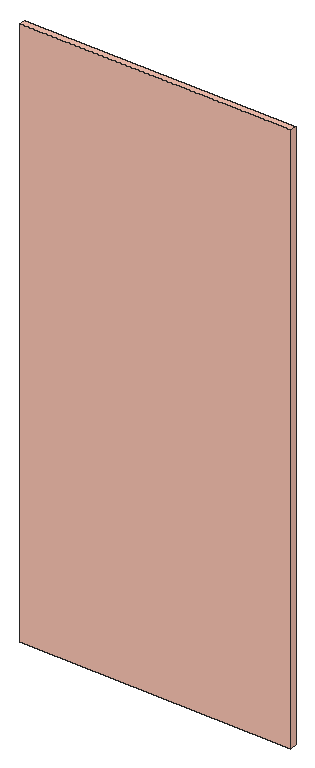
Revit family "EXP_WT-1B_CPan-001", category Curtain Panels, Revit 2021
Family settings
  OmniClass Number = 23.25.20.14.11.11.17
  OmniClass Title = Infill Panels
  Always vertical = Yes
  Cut with Voids When Loaded = No
  Shared = No
Parameters
  UI-UnitNumber [instance] = "001"
  UI-Quadrant [instance] = "SE"
  UI-ProjectAbbreviation = "NEU"
  UI-ItemCategory = "PID"
  UI-FloorNumber [instance] = "03"
  PNT-WallType = "WT1B"
  PNT-ProjectAbbreviation = "NEU"
  PNT-PanelType [instance] = "01"
  PNT-ItemCategory = "PNL"
  GlassSPH [instance] = 0' - 2 3/16"
  GlassH1 [instance] = IG-2F(Glass)
  Define Thermal Properties by = Schematic Type
  CellSp = 0' - 10 3/16"
  CellL [instance] = 7' - 10"
  CellH1 [instance] = CellH  # 15' - 11 1/2"
  CellH [instance] = 15' - 11 1/2"
  Analytic Construction = "<None>"
Reference planes (in)
  plane 1 "Center (Front/Back)": y = 0
  plane 2: z = 0
  plane 3 "Center (Left/Right)": x = 0
  plane 4 "Left": x = -47
  plane 5 "Right": x = 47
  plane 6 "Top": z = 191.5
  plane 7: y = -10.1875
Forms (in)
  Extrusion 1, solid, material "IG-2F(Glass)" <- "GlassH1", detail levels coarse+medium
    sketch origin (0, 0, 0) x (0, 1, 0) y (0, 0, 1)
      loop
        line (0, 191.5) -> (-10.1875, 191.5) -> (-10.1875, 0) -> (0, 0) -> (0, 191.5)
    from -47 to 47
Text (in)
  text "Exterior" at (-92.59733, 55.75508, 0), in view "Ref. Level"
  text "Exterior" at (0, 90.18664, 173.49264), in view "Left"
  text "Exterior" at (0, 52.29083, 162.21847), in view "Right"
Dimensions and locks (in)
  "CellL": plane 4 "Left" to plane 5 "Right"
  equal spacing: plane 4 "Left", plane 3 "Center (Left/Right)", plane 5 "Right"
  "CellH": plane 2 to plane 6 "Top"
  "CellSp": plane 7 to plane 1 "Center (Front/Back)"
  aligned and locked: level to plane 2
  aligned and locked: Extrusion 1 sketch curve to level
  aligned and locked: Extrusion 1 sketch curve to plane 7
  aligned and locked: Extrusion 1 to plane 5 "Right"
  aligned and locked: plane 4 "Left" to Extrusion 1
  aligned and locked: Extrusion 1 to plane 6 "Top"
  aligned and locked: Extrusion 1 to plane 2
  aligned and locked: nested 1 to plane 6 "Top"
  aligned and locked: plane 4 "Left" to nested 1
  aligned and locked: plane 5 "Right" to nested 1
  aligned and locked: plane 1 "Center (Front/Back)" to nested 1
  aligned and locked: plane 1 "Center (Front/Back)" to nested 2
  aligned and locked: plane 2 to nested 2
  aligned and locked: nested 2 to plane 6 "Top"
  aligned and locked: plane 4 "Left" to nested 2
  aligned and locked: plane 5 "Right" to nested 2
Automatic sketch dimensions
  Extrusion 1 sketch curve to plane 1 "Center (Front/Back)" = 0' - 0"
  level to Extrusion 1 sketch curve = 15' - 11 1/2"
Nested families (in)
  nested 1: "EXP_xx_DetO-002" at (0, 0, 0), CellH <- "CellH", CellL <- "CellL", type "EXP_xx_DetO-002", detail levels coarse
    with CellL 7' - 10", CellH 15' - 11 1/2"
  nested 2: "EXP_WT-1x_IG-001" at (0, 0, 95.75), MaterialGlass <- "GlassH1", GlassSP <- "GlassSPH", type "GlassSP = H", detail levels fine
    with MaterialGlass IG-2F(Glass), GlassSP 0' - 2 3/16", GlassL 7' - 8.12549", GlassH 15' - 8.62598", CellL 7' - 10", CellH 15' - 11 1/2"
Definition of nested family "EXP_WT-1x_IG-001"
  Parameters (values of type "H2 _ GlassSP = 1 1/4"")
    MaterialGlass [instance] = none
    GlassSP [instance] = 0' - 1 1/4"
    GlassL [instance] = CellL - (GlassD1 + GlassD3)  # 3' - 10.94439"
    GlassH [instance] = CellH - (GlassD2 + GlassD4)  # 6' - 6.64788"
    GlassD4 = 0' - 1.43701"
    GlassD3 = 0' - 0.93701"
    GlassD2 = 0' - 0 1/2"
    GlassD1 = 0' - 0 15/16"
    GMPI-ProjectAbbreviation = "NEU"
    GMPI-IteamCategory = "GLS"
    Default Elevation = 0' - 0"
    CellL [instance] = 4' - 0.8189"
    CellH [instance] = 6' - 8.58489"
  Types (12): name | GlassSP | GlassL | GlassH | GlassD4 | GlassD2 | GlassD1
    H2(x2) _ GlassSP = 2 1/8" | 0' - 2.12598" | 3' - 10.94488" | 6' - 6.64788" | 0' - 1.43701" | 0' - 0 1/2" | 0' - 0.93701"
    H1 _ GlassSP = 1 1/4" | 0' - 1 1/4" | 3' - 10.94439" | 6' - 6.89739" | 0' - 0 1/4" | 0' - 1 7/16" | 0' - 0 15/16"
    H2(x3) _ GlassSP = 2 1/8" | 0' - 2.12598" | 3' - 10.94488" | 6' - 7.83489" | 0' - 0 1/4" | 0' - 0 1/2" | 0' - 0.93701"
    H3 _ GlassSP = 1 1/4" | 0' - 1 1/4" | 3' - 10.94439" | 6' - 6.64788" | 0' - 1.43701" | 0' - 0 1/2" | 0' - 0 15/16"
    H _ GlassSP = 2 1/8" | 0' - 2.12598" | 3' - 10.94488" | 6' - 5.71088" | 0' - 1.43701" | 0' - 1.43701" | 0' - 0.93701"
    H _ GlassSP = 1 1/4" | 0' - 1 1/4" | 3' - 10.94439" | 6' - 5.71088" | 0' - 1.43701" | 0' - 1.43701" | 0' - 0 15/16"
    H2 _ GlassSP = 1 1/4" | 0' - 1 1/4" | 3' - 10.94439" | 6' - 6.64788" | 0' - 1.43701" | 0' - 0 1/2" | 0' - 0 15/16"
    GlassSP = H | 0' - 1 1/4" | 3' - 10.94439" | 6' - 5.71088" | 0' - 1.43701" | 0' - 1.43701" | 0' - 0 15/16"
    GlassSP = H3 | 0' - 1 1/4" | 3' - 10.94439" | 6' - 6.64788" | 0' - 1.43701" | 0' - 0 1/2" | 0' - 0 15/16"
    GlassSP = H2(x3) | 0' - 2.12598" | 3' - 10.94488" | 6' - 7.83489" | 0' - 0 1/4" | 0' - 0 1/2" | 0' - 0.93701"
    GlassSP = H2(x2) | 0' - 2.12598" | 3' - 10.94488" | 6' - 6.64788" | 0' - 1.43701" | 0' - 0 1/2" | 0' - 0.93701"
    GlassSP = H1 | 0' - 1 1/4" | 3' - 10.94439" | 6' - 6.89739" | 0' - 0 1/4" | 0' - 1 7/16" | 0' - 0 15/16"
  Reference planes (in)
    plane 1 "Center (Front/Back)": y = 0
    plane 2: z = 0
    plane 3 "Center (Left/Right)": x = 0
    plane 4: x = -24.40945
    plane 5: x = 24.40945
    plane 6: z = 40.29245
    plane 7: x = -23.47195
    plane 8: x = 23.47244
    plane 9: z = -40.29245
    plane 10: z = 39.79245
    plane 11: z = -38.85544
  Forms (in)
    Extrusion 1, solid, material <- "MaterialGlass"
      sketch origin (0, 0, 0) x (1, 0, 0) y (0, 0, 1)
        loop
          line (-23.47195, -38.85544) -> (23.47244, -38.85544) -> (23.47244, 39.79245) -> (-23.47195, 39.79245) -> (-23.47195, -38.85544)
      from 0 to 1.25 <- "GlassSP"
  Dimensions and locks (in)
    equal spacing: plane 6, level, plane 9
    "CellH": plane 6 to plane 9
    "GlassD2": plane 6 to plane 10
    "GlassD4": plane 11 to plane 9
    equal spacing: plane 4, plane 3 "Center (Left/Right)", plane 5
    "CellL": plane 4 to plane 5
    "GlassD1": plane 4 to plane 7
    "GlassD3": plane 5 to plane 8
    aligned and locked: level to plane 2
    aligned and locked: Extrusion 1 sketch curve to plane 11
    aligned and locked: Extrusion 1 sketch curve to plane 7
    aligned and locked: plane 10 to Extrusion 1 sketch curve
    aligned and locked: plane 8 to Extrusion 1 sketch curve
Definition of nested family "EXP_xx_DetO-002"
  Parameters (values of type "EXP_xx_DetO-002")
    Default Elevation = 0' - 0"
    CellL [instance] = 5' - 4.56693"
    CellH [instance] = 5' - 2.99213"
  Reference planes (in)
    plane 1 "Center (Front/Back)": y = 0
    plane 2: z = 0
    plane 3 "Center (Left/Right)": x = 0
    plane 4: x = -32.28346
    plane 5: x = 32.28346
    plane 6: z = 62.99213
  Lines and regions (in)
    model lines
      curve 1: line (-32.28346, 0, 62.99213) -> (32.28346, 0, 0)
      curve 2: line (32.28346, 0, 62.99213) -> (-32.28346, 0, 0)
  Dimensions and locks (in)
    "CellH": plane 6 to level
    equal spacing: plane 4, plane 3 "Center (Left/Right)", plane 5
    "CellL": plane 4 to plane 5
    aligned and locked: level to plane 2
  Automatic sketch dimensions
    curve 2 to level = 0' - 0"
    plane 4 to curve 2 = 0' - 0"
    plane 4 to curve 1 = 0' - 0"
    plane 5 to curve 2 = 0' - 0"
    curve 1 to level = 0' - 0"
    plane 5 to curve 1 = 0' - 0"
    curve 2 to plane 6 = 0' - 0"
    curve 1 to plane 6 = 0' - 0"
